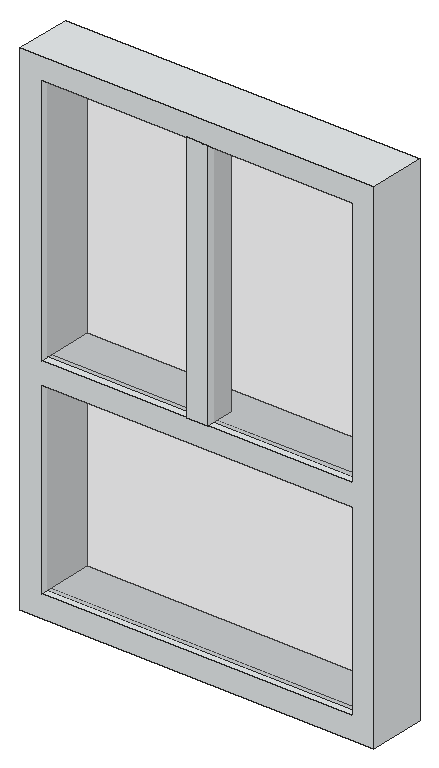
Revit family "Janela_Fachada_3Painel", category Windows, host Wall, Revit 2020
Family settings
  Host = Wall
  OmniClass Number = 23.30.20.00
  OmniClass Title = Windows
  Always vertical = Yes
  Cut with Voids When Loaded = No
  Shared = No
  Room Calculation Point = No
Parameters (values of type "JAN_125x177_FAC_3PA")
  Material_Vidro = CT_Vidros
  Material_Esquadria = CT_Esquadrias_Aluminio
  Height = 1.775 m
  Espess_Esquadria = 0.075 m
  Define Thermal Properties by = Schematic Type
  Default Sill Height = 0.800 m
  Wall Closure = By host
  Width = 1.250 m
  Analytic Construction = "<None>"
  Alt_Bandeira_Sup = 1.000 m
  Alt_Bandeira_Inf = 1.600 m
Reference planes (m)
  plane 1 "Center (Front/Back)": y = 0
  plane 2 "Center (Left/Right)": x = 0
  plane 3 "Left": x = -0.625
  plane 4 "Right": x = 0.625
  plane 5 "Sill": z = 0.8
  plane 6 "Head": z = 2.575
  plane 7 "Exterior": y = 0.1
  plane 8 "Interior": y = -0.1
  plane 9: z = 1.575
Forms (m)
  Extrusion 1, solid, material "CT_Esquadrias_Aluminio" <- "Material_Esquadria"
    sketch origin (0, 0.1, 0) x (1, 0, 0) y (0, 0, 1)
      loop
        line (0.625, 2.575) -> (-0.625, 2.575) -> (-0.625, 0.8) -> (0.625, 0.8) -> (0.625, 2.575)
      loop
        line (-0.55, 2.5) -> (-0.55, 1.6125) -> (0.55, 1.6125) -> (0.55, 2.5) -> (-0.55, 2.5)
      loop
        line (-0.55, 1.5375) -> (-0.55, 0.875) -> (0.55, 0.875) -> (0.55, 1.5375) -> (-0.55, 1.5375)
    from 0 to 0.2
  Extrusion 2, solid, material "CT_Vidros" <- "Material_Vidro"
    sketch origin (0, 0.1, 0) x (1, 0, 0) y (0, 0, 1)
      loop
        line (0.55, 2.5) -> (0.0375, 2.5) -> (0.0375, 1.6125) -> (0.55, 1.6125) -> (0.55, 2.5)
      loop
        line (-0.0375, 2.5) -> (-0.55, 2.5) -> (-0.55, 1.6125) -> (-0.0375, 1.6125) -> (-0.0375, 2.5)
      loop
        line (0.55, 1.5375) -> (-0.55, 1.5375) -> (-0.55, 0.875) -> (0.55, 0.875) -> (0.55, 1.5375)
    from 0.158589 to 0.174642
  Extrusion 3, solid, material "CT_Esquadrias_Aluminio" <- "Material_Esquadria"
    sketch origin (0, 0.1, 0) x (-1, 0, 0) y (0, 0, 1)
      loop
        line (-0.0375, 1.6125) -> (0.0375, 1.6125) -> (0.0375, 2.5) -> (-0.0375, 2.5) -> (-0.0375, 1.6125)
    from -0.1 to -0.2
Lines and regions (m)
  Opening 1
    outline origin (3.5, -0.1, 0) x (1, 0, 0) y (0, 0, 1)
      loop
        line (-2.875, 0.8) -> (-2.875, 2.575) -> (-4.125, 2.575) -> (-4.125, 0.8) -> (-2.875, 0.8)
Text (m)
  text "EXTERIOR" at (-1.963203, 1.332353, 0), in view "Ref. Level"
  text "INTERIOR" at (-1.981466, -0.818386, 0), in view "Ref. Level"
  text "Exterior" at (0, 0.923751, 2.943296), in view "Right"
  text "Exterior" at (0, 1.040484, 2.685409), in view "Left"
Dimensions and locks (m)
  equal spacing: plane 3 "Left", plane 2 "Center (Left/Right)", plane 4 "Right"
  "Width": plane 3 "Left" to plane 4 "Right"
  "Height": plane 5 "Sill" to plane 6 "Head"
  "Default Sill Height": plane 5 "Sill" to level
  locked: plane 7 "Exterior" to host wall
  locked: plane 8 "Interior" to host wall
  "Alt_Bandeira_Sup": plane 9 to plane 6 "Head"
  Extrusion 1 to Extrusion 1 = 0.075 m
  Extrusion 1 sketch curve to plane 9 = 0.0375 m
  Extrusion 1 sketch curve to Extrusion 1 sketch curve = 0.075 m  (x2)
  "Espess_Esquadria": Extrusion 1 sketch curve to Extrusion 1 sketch curve  (x3)
  locked: Extrusion 1 to Extrusion 2 at 0.025358
  locked: Extrusion 2 to Extrusion 2 at 0.016053
  locked: Extrusion 3 to Extrusion 3 at 0.1
  aligned and locked: plane 8 "Interior" to Extrusion 1
  aligned and locked: Extrusion 1 to plane 7 "Exterior"
  aligned and locked: plane 3 "Left" to Extrusion 1
  aligned and locked: Extrusion 1 to plane 4 "Right"
  aligned and locked: Extrusion 1 sketch curve to Extrusion 1 sketch curve  (x2)
  aligned and locked: Extrusion 1 to Extrusion 2 sketch curve  (x4)
  aligned and locked: Extrusion 2 sketch curve to Extrusion 1  (x4)
  aligned and locked: Extrusion 1 sketch curve to plane 5 "Sill"
  aligned and locked: Extrusion 3 sketch curve to Extrusion 2  (x2)
  aligned and locked: Extrusion 1 to Extrusion 3 sketch curve
  aligned and locked: Extrusion 3 sketch curve to Extrusion 1
  aligned and locked: Extrusion 1 to Extrusion 3
  aligned and locked: Extrusion 3 to Extrusion 1  (x2)
Automatic sketch dimensions
  plane 3 "Left" to Opening 1 sketch curve = 0.000 m
  Opening 1 sketch curve to plane 4 "Right" = 0.000 m
  Opening 1 sketch curve to plane 5 "Sill" = 0.000 m
  Opening 1 sketch curve to plane 6 "Head" = 0.000 m
  plane 2 "Center (Left/Right)" to Extrusion 2 sketch curve = 0.0375 m
  Extrusion 2 sketch curve to plane 2 "Center (Left/Right)" = 0.0375 m
  plane 9 to Extrusion 2 sketch curve = 0.0375 m
  Extrusion 2 sketch curve to Extrusion 2 sketch curve = 0.000 m
  plane 3 "Left" to Extrusion 1 sketch curve = 0.000 m
  plane 4 "Right" to Extrusion 1 sketch curve = 0.000 m
  Extrusion 1 sketch curve to plane 6 "Head" = 0.000 m
  Extrusion 1 sketch curve to plane 9 = 0.0375 m
  plane 9 to Extrusion 1 sketch curve = 0.0375 m
  plane 6 "Head" to Extrusion 1 sketch curve = 0.075 m
